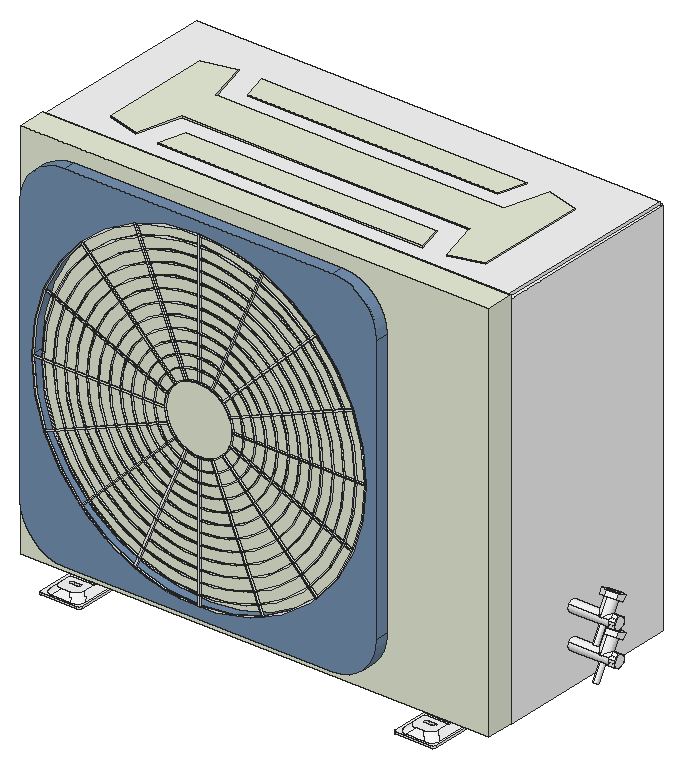
Revit family "ККБ REA I2 8 инвертор", category Оборудование, Revit 2022
Family settings
  Размер круглого соединителя = Использовать радиус
  Тип детали = Нормальный
  Номер OmniClass = 23.75.00.00
  Заголовок OmniClass = Climate Control (HVAC)
  На основе рабочей плоскости = Нет
  Всегда вертикально = Да
  При загрузке вырезать с полостями = Нет
  Сохранять ориентацию аннотаций = Нет
  Общий = Нет
  Точка принадлежности помещению = Нет
Parameters (values of type "ККБ REA I2 8 инвертор")
  Отметка по умолчанию = 0.000 mm
  clearance access right = 600.000 mm
  clearance access left = 300.000 mm
  clearance access front = 2000.000 mm
  clearance access behind = 300.000 mm
  clearance [instance] = no
  Width = 910.000 mm
  Series = "CCU"
  Power supply = "220-240V 1Ph~50Hz/60Hz"
  Net Weight = 49.00 kg
  Группа модели = "ККБ REA I2 8 инвертор"
  Minimum Circuit Amps = 21.25 A
  Min cable selection (power wiring) = "3×2.5 mm2"
  Maximum Fuse Amps = 25 A
  Изготовитель = "WAER"  # constant formula
  Liquid pipe Radius = 0.5 * Liquid pipe  # 4.765 mm
  Liquid pipe = 9.530 mm
  Installation = "Outdoor installation"
  Height = 712.000 mm
  Heating Power Input = 2.04 kW
  Heating Capacity = 9.00 kW
  Gas pipe Radius = 0.5 * Gas pipe  # 7.950 mm
  Gas pipe = 15.900 mm
  Gas = "R410A"
  Описание = "High efficiency air cooled"
  Depth = 426.000 mm
  Cooling Power Input = 2.10 kW
  Cooling Capacity = 8.00 kW
  Condensation = "Air"
  Compressor = "1"
  Casing color = "SB2098"
  Air Flow = 3700.00 m³/h
Reference planes
  plane 1 "Center (Front/Back)": y = 0
  plane 2: z = 0
  plane 3 "Center (Left/Right)": x = 0
  plane 4: y = 155.5
  plane 5: y = -189.5
  plane 6: x = -420
  plane 7: x = 420
  plane 8: z = 712
  plane 9: x = 490
  plane 10: x = -435
  plane 11: z = 368
Forms (mm)
  Extrusion 1, solid, material "Galvanized Steel", detail levels medium+fine
    sketch origin (-463, 23.5, 789) x (1, 0, 0) y (0, 1, 0)
      loop
        line (43, -159) -> (43, -209.5) -> (882.609, -209.5) -> (882.609, -159) -> (43, -159)
    from -765 to -77
  Extrusion 2, void
    sketch origin (40, 0, -40) x (1, 0, 0) y (0, 0, 1)
      loop
        circle (-122.999, 406.499) r 300
    from 117.48 to 159
  Extrusion 3, solid, material "Galvanized Steel", detail levels fine
    sketch origin (0, 0, 0) x (1, 0, 0) y (0, 1, 0)
      loop
        line (-336.632, 111.286) -> (-336.632, -88.714) -> (-278.677, -104.243) -> (-257.971, -26.969) -> (0, -26.969) -> (257.971, -26.969) -> (278.677, -104.243) -> (336.632, -88.714) -> (336.632, 111.286) -> (278.677, 126.816) -> (257.971, 49.542) -> (0, 49.542) -> (-257.971, 49.542) -> (-278.677, 126.816) -> (-336.632, 111.286)
      loop
        line (-237.266, 126.816) -> (-224.511, 79.213) -> (0, 79.213) -> (224.511, 79.213) -> (237.266, 126.816) -> (0, 126.816) -> (-237.266, 126.816)
      loop
        line (-237.266, -106.816) -> (0, -106.816) -> (237.266, -106.816) -> (224.511, -59.213) -> (0, -59.213) -> (-224.511, -59.213) -> (-237.266, -106.816)
    from 712 to 714
  Extrusion 4, solid, material "HXL White", detail levels fine
    sketch origin (-20, 0, 55) x (1, 0, 0) y (0, 0, 1)
      loop
        line (-400, 451.5) -> (-413.971, 441.771)
        arc (-413.971, 441.771) -> (-414.612, 441.134) -> (-415, 440.318) r 2.624
        line (-415, 440.318) -> (-415, 438.504)
        arc (-415, 438.504) -> (-414.222, 436.932) -> (-412.501, 436.597) r 1.977
        line (-412.501, 436.597) -> (-400, 440.016) -> (-400, 451.5)
    from -49.542 to 26.969
  Extrusion 5, solid, material "Midea Dark Blue"
    sketch origin (398.949, -186, 789) x (-1, 0, 0) y (0, 0, -1)
      loop
        circle (481.948, 422.501) r 300
      loop
        arc (801.948, 662.501) -> (778.516, 719.07) -> (721.948, 742.501) r 80
        line (721.948, 742.501) -> (241.948, 742.501)
        arc (241.948, 742.501) -> (185.379, 719.07) -> (161.948, 662.501) r 80
        line (161.948, 662.501) -> (161.948, 182.501)
        arc (161.948, 182.501) -> (185.379, 125.933) -> (241.948, 102.501) r 80
        line (241.948, 102.501) -> (721.948, 102.501)
        arc (721.948, 102.501) -> (778.516, 125.933) -> (801.948, 182.501) r 80
        line (801.948, 182.501) -> (801.948, 662.501)
    from -27 to 22
Cuts and joins
  Extrusion 2 cuts Extrusion 1
Lines and regions (mm)
  model lines
    curve 1: line (-420, 208, 712) -> (-420, -135.5, 712)
    curve 2: line (420, 208, 712) -> (-420, 208, 712)
    curve 3: line (420, -135.5, 712) -> (420, 208, 712)
    curve 4: line (-420, -135.5, 712) -> (420, -135.5, 712)
    curve 5: line (-420, 208, 24) -> (-420, -135.5, 24)
    curve 6: line (420, 208, 24) -> (-420, 208, 24)
    curve 7: line (420, -135.5, 24) -> (420, 208, 24)
    curve 8: line (-420, -135.5, 24) -> (420, -135.5, 24)
    curve 9: line (-400, -135.5, 555) -> (-400, -135.5, 24)
    curve 10: line (400, -135.5, 24) -> (400, -135.5, 555)
    curve 11: line (420.021, 208, 712) -> (420.021, 208, 176)
    curve 12: line (-420, 208, 176) -> (-420, 208, 712)
Dimensions and locks
  aligned and locked: level to plane 2
Nested families
  nested 1: "pingban-HXL" at (-415, 208, 24), type "pingban-HXL", detail levels medium+fine
    with Width 830.000 mm, Height 683.000 mm, Depth 5.000 mm
  nested 2: "pingban-HXL" at (-420, -135.5, 24) x (0, 1, 0) z (0, 0, 1), type "pingban-HXL", detail levels medium+fine
    with Width 338.500 mm, Height 683.000 mm, Depth 5.000 mm
  nested 3: "pingban-HXL" at (420, 203, 24) x (0, -1, 0) z (0, 0, 1), type "pingban-HXL", detail levels medium+fine
    with Width 338.500 mm, Height 683.000 mm, Depth 5.000 mm
  nested 4: "xiaodijia2" at (318, 0, 0), type "xiaodijia2", detail levels medium+fine
  nested 5: "xiaodijia2" at (-318, 0, 0), type "xiaodijia2", detail levels medium+fine
  nested 6: "pingban-HXL" at (-415, 150.5, 24), type "pingban-HXL", detail levels medium+fine
    with Width 830.000 mm, Height 5.000 mm, Depth 286.000 mm
  nested 7: "pingban-HXL" at (-415, 203, 707), type "pingban-HXL", detail levels medium+fine
    with Width 830.000 mm, Height 5.000 mm, Depth 338.500 mm
  nested 8: "fengkou300+" at (-82.999, -208, 366.5) x (1, 0, 0) z (0, 1, 0), type "fengkou300+", detail levels medium+fine
  nested 9: "fengshan230-white" at (-82.999, -130, 366.5) x (-1, 0, 0) z (0, 1, 0), type "fengshan230-white", detail levels fine
  nested 10: "guan_HXL" at (465, 0, 154.965) x (0, 0.866, -0.5) z (0, 0.5, 0.866), type "guan_HXL"
    with luomukuandu2 30.000 mm, luomukuandu 20.000 mm, luomuhoudu2 10.000 mm, luomuhoudu 10.000 mm, diameter2 20.000 mm, diameter 20.000 mm, Length2 40.000 mm, Length 85.000 mm
  nested 11: "guan_HXL" at (465, 0, 93.918) x (0, 0.866, -0.5) z (0, 0.5, 0.866), type "guan_HXL"
    with luomukuandu2 30.000 mm, luomukuandu 20.000 mm, luomuhoudu2 10.000 mm, luomuhoudu 10.000 mm, diameter2 20.000 mm, diameter 20.000 mm, Length2 40.000 mm, Length 85.000 mm
  nested 12: "service space" at (-420, 208, 0), Height <- "Height", visible <- "clearance", type "Midea Service  Space"
    with Width 910.000 mm, Height 712.000 mm, Depth 300.000 mm
  nested 13: "service space" at (-735, -208, 0), Height <- "Height", visible <- "clearance", type "Midea Service  Space"
    with Width 300.000 mm, Height 712.000 mm, Depth 416.000 mm
  nested 14: "service space" at (490, -208, 0), Height <- "Height", visible <- "clearance", type "Midea Service  Space"
    with Width 600.000 mm, Height 712.000 mm, Depth 416.000 mm
  nested 15: "service space" at (-420, -2208, 0), Height <- "Height", visible <- "clearance", type "Midea Service  Space"
    with Width 910.000 mm, Height 712.000 mm, Depth 2000.000 mm
Connectors
  electrical at (-420, 11.286, 500.758)
    settings: on Extrusion 4, index 1, voltage 220 V, apparent load 0 VA, apparent load phase1 0 VA, apparent load phase2 0 VA, apparent load phase3 0 VA, power factor 1, load classification "HVAC", number of poles 1, system type 30, power factor state 1, is connector primary yes, connector utility no, sub classification motor no, connector description ""
  piping at (420, 0, 154.965), diameter 15.9, driven by "Gas pipe Radius"
    settings: on nested 10, index 2, connector inside diameter 0.62598", connector length 0.000 mm, flow factor 0, pipe flow 0 GPM, pressure drop 0.00 psi, fitting loss kfactor 0, connector angle 0.00°, fixture units 0, engagement length 0.000 mm, angle of deflection 0.00°, flow configuration 0, flow direction 0, fitting loss method 0, system type 19, joint type 0, gender type 0, connector reference index -1, connector utility 0, adjustable connector no, is connector primary yes, connector description ""
  piping at (420, 0, 93.918), diameter 9.53, driven by "Liquid pipe Radius"
    settings: on nested 11, index 3, connector inside diameter 0.3752", connector length 0.000 mm, flow factor 0, pipe flow 0 GPM, pressure drop 0.00 psi, fitting loss kfactor 0, connector angle 0.00°, fixture units 0, engagement length 0.000 mm, angle of deflection 0.00°, flow configuration 0, flow direction 0, fitting loss method 0, system type 19, joint type 0, gender type 0, connector reference index -1, connector utility 0, adjustable connector no, is connector primary no, connector description ""
Definition of nested family "pingban-HXL"
  Parameters
    Default Elevation = 0.000 mm
    Width [instance] = 65.000 mm
    Series = ""
    Machine material = none
    Installation = ""
    Height [instance] = 100.000 mm
    Gas = ""
    Depth [instance] = 5.000 mm
    Condensation = ""
  Reference planes
    plane 1 "Center (Front/Back)": y = 0
    plane 2: z = 0
    plane 3 "Center (Left/Right)": x = 0
    plane 4: z = 160
    plane 5: x = 65
  Forms (mm)
    Extrusion 1, solid, material <- "Machine material"
      sketch origin (0, 0, 0) x (1, 0, 0) y (0, 0, 1)
        loop
          line (0, 100) -> (0, 0) -> (65, 0) -> (65, 100) -> (0, 100)
      from 0 to 5
  Dimensions and locks
    "Width": Extrusion 1 to plane 3 "Center (Left/Right)"
    "Height": Extrusion 1 to level
    "Depth": Extrusion 1 to plane 1 "Center (Front/Back)"
    aligned and locked: level to plane 2
  Automatic sketch dimensions
    Extrusion 1 sketch curve to plane 3 "Center (Left/Right)" = 0.000 mm
    Extrusion 1 sketch curve to level = 0.000 mm
    Extrusion 1 sketch curve to plane 5 = 0.000 mm
    Extrusion 1 sketch curve to plane 4 = 60.000 mm
Definition of nested family "xiaodijia2"
  Parameters
    Default Elevation = 0.000 mm
  Reference planes
    plane 1 "Center (Front/Back)": y = 0
    plane 2: z = 0
    plane 3 "Center (Left/Right)": x = 0
    plane 4: y = 227
    plane 5: x = -36.5
    plane 6: x = 36.5
    plane 7: z = 12
    plane 8: z = 3
    plane 9: z = 24
    plane 10: y = -20
    plane 11: y = 20
    plane 12: x = 21.5
    plane 13: x = -21.5
    plane 14: y = 190
    plane 15: y = -190
    plane 16: x = -6
    plane 17: x = 6
    plane 18: y = -186
    plane 19: y = -194
  Forms (mm)
    Blend 1, solid
      base sketch origin (0, 0, 0) x (1, 0, 0) y (0, 1, 0)
        loop
          line (6.5, 212) -> (-6.5, 212)
          arc (-6.5, 212) -> (-17.107, 207.607) -> (-21.5, 197) r 15
          line (-21.5, 197) -> (-21.5, -197)
          arc (-21.5, -197) -> (-17.107, -207.607) -> (-6.5, -212) r 15
          line (-6.5, -212) -> (6.5, -212)
          arc (6.5, -212) -> (17.107, -207.607) -> (21.5, -197) r 15
          line (21.5, -197) -> (21.5, 197)
          arc (21.5, 197) -> (17.107, 207.607) -> (6.5, 212) r 15
      top sketch origin (0, 0, 0) x (1, 0, 0) y (0, 1, 0)
        loop
          line (26.5, 222) -> (-26.5, 222)
          arc (-26.5, 222) -> (-30.036, 220.536) -> (-31.5, 217) r 5
          line (-31.5, 217) -> (-31.5, -207)
          arc (-31.5, -207) -> (-27.107, -217.607) -> (-16.5, -222) r 15
          line (-16.5, -222) -> (16.5, -222)
          arc (16.5, -222) -> (27.107, -217.607) -> (31.5, -207) r 15
          line (31.5, -207) -> (31.5, 217)
          arc (31.5, 217) -> (30.036, 220.536) -> (26.5, 222) r 5
      from 12 to 3
    Blend 2, void
      base sketch origin (0, 0, 0) x (1, 0, 0) y (0, 1, 0)
        loop
          line (6.5, 202) -> (-6.5, 202)
          arc (-6.5, 202) -> (-10.036, 200.536) -> (-11.5, 197) r 5
          line (-11.5, 197) -> (-11.5, -197)
          arc (-11.5, -197) -> (-10.036, -200.536) -> (-6.5, -202) r 5
          line (-6.5, -202) -> (6.5, -202)
          arc (6.5, -202) -> (10.036, -200.536) -> (11.5, -197) r 5
          line (11.5, -197) -> (11.5, 197)
          arc (11.5, 197) -> (10.036, 200.536) -> (6.5, 202) r 5
      top sketch origin (0, 0, 0) x (1, 0, 0) y (0, 1, 0)
        loop
          line (31.5, -207) -> (31.5, 217)
          arc (31.5, 217) -> (30.036, 220.536) -> (26.5, 222) r 5
          line (26.5, 222) -> (-26.5, 222)
          arc (-26.5, 222) -> (-30.036, 220.536) -> (-31.5, 217) r 5
          line (-31.5, 217) -> (-31.5, -207)
          arc (-31.5, -207) -> (-27.107, -217.607) -> (-16.5, -222) r 15
          line (-16.5, -222) -> (16.5, -222)
          arc (16.5, -222) -> (27.107, -217.607) -> (31.5, -207) r 15
      from 8.355 to 3
    Extrusion 3, solid
      sketch origin (0, 0, 0) x (1, 0, 0) y (0, 1, 0)
        loop
          arc (-31.5, 227) -> (-35.036, 225.536) -> (-36.5, 222) r 5
          line (-36.5, 222) -> (-36.5, -222)
          arc (-36.5, -222) -> (-35.036, -225.536) -> (-31.5, -227) r 5
          line (-31.5, -227) -> (31.5, -227)
          arc (31.5, -227) -> (35.036, -225.536) -> (36.5, -222) r 5
          line (36.5, -222) -> (36.5, 222)
          arc (36.5, 222) -> (35.036, 225.536) -> (31.5, 227) r 5
          line (31.5, 227) -> (-31.5, 227)
        loop
          arc (-26.5, 222) -> (-30.036, 220.536) -> (-31.5, 217) r 5
          line (-31.5, 217) -> (-31.5, -207)
          arc (-31.5, -207) -> (-27.107, -217.607) -> (-16.5, -222) r 15
          line (-16.5, -222) -> (16.5, -222)
          arc (16.5, -222) -> (27.107, -217.607) -> (31.5, -207) r 15
          line (31.5, -207) -> (31.5, 217)
          arc (31.5, 217) -> (30.036, 220.536) -> (26.5, 222) r 5
          line (26.5, 222) -> (-26.5, 222)
      from 0 to 3
    Extrusion 4, solid
      sketch origin (0, 0, 0) x (0, 1, 0) y (0, 0, 1)
        loop
          arc (-19.275, 24) -> (-19.902, 23.667) -> (-20.264, 23.056) r 1.312
          line (-20.264, 23.056) -> (-22.833, 13.434)
          arc (-22.833, 13.434) -> (-23.437, 12.605) -> (-24.266, 12) r 3.318
          line (-24.266, 12) -> (24.266, 12)
          arc (24.266, 12) -> (23.437, 12.605) -> (22.833, 13.434) r 3.318
          line (22.833, 13.434) -> (20.264, 23.056)
          arc (20.264, 23.056) -> (19.902, 23.667) -> (19.275, 24) r 1.312
          line (19.275, 24) -> (-19.275, 24)
      from -21.5 to 21.5
    Extrusion 5, solid
      sketch origin (0, 150, 0) x (0, 1, 0) y (0, 0, 1)
        loop
          arc (-19.275, 24) -> (-19.902, 23.667) -> (-20.264, 23.056) r 1.312
          line (-20.264, 23.056) -> (-22.833, 13.434)
          arc (-22.833, 13.434) -> (-23.437, 12.605) -> (-24.266, 12) r 3.318
          line (-24.266, 12) -> (24.266, 12)
          arc (24.266, 12) -> (23.437, 12.605) -> (22.833, 13.434) r 3.318
          line (22.833, 13.434) -> (20.264, 23.056)
          arc (20.264, 23.056) -> (19.902, 23.667) -> (19.275, 24) r 1.312
          line (19.275, 24) -> (-19.275, 24)
      from -21.5 to 21.5
    Extrusion 6, solid
      sketch origin (0, -150, 0) x (0, 1, 0) y (0, 0, 1)
        loop
          arc (-19.275, 24) -> (-19.902, 23.667) -> (-20.264, 23.056) r 1.312
          line (-20.264, 23.056) -> (-22.833, 13.434)
          arc (-22.833, 13.434) -> (-23.437, 12.605) -> (-24.266, 12) r 3.318
          line (-24.266, 12) -> (24.266, 12)
          arc (24.266, 12) -> (23.437, 12.605) -> (22.833, 13.434) r 3.318
          line (22.833, 13.434) -> (20.264, 23.056)
          arc (20.264, 23.056) -> (19.902, 23.667) -> (19.275, 24) r 1.312
          line (19.275, 24) -> (-19.275, 24)
      from -21.5 to 21.5
    Extrusion 7, void
      sketch origin (0, 0, 0) x (1, 0, 0) y (0, 1, 0)
        loop
          arc (-6, -186) -> (-10, -190) -> (-6, -194) r 4
          line (-6, -194) -> (6, -194)
          arc (6, -194) -> (10, -190) -> (6, -186) r 4
          line (6, -186) -> (-6, -186)
        loop
          line (-6, 186) -> (6, 186)
          arc (6, 186) -> (10, 190) -> (6, 194) r 4
          line (6, 194) -> (-6, 194)
          arc (-6, 194) -> (-10, 190) -> (-6, 186) r 4
      from 0 to 20
  Cuts and joins
    Blend 2, Extrusion 7 cuts Blend 1
  Dimensions and locks
    aligned and locked: level to plane 2
Definition of nested family "fengkou300+"
  Parameters
    Default Elevation = 0.000 mm
    Series = ""
    Machine material = none
    Installation = ""
    Gas = ""
    Condensation = ""
  Reference planes
    plane 1 "Center (Front/Back)": y = 0
    plane 2: z = 0
    plane 3 "Center (Left/Right)": x = 0
  Forms (mm)
    Extrusion 1, solid, material <- "Machine material"
      sketch origin (0, 0, 0) x (1, 0, 0) y (0, 1, 0)
        loop
          circle (0, 0) r 60
        loop
          circle (0, 0) r 61
        loop
          circle (0, 0) r 80
        loop
          circle (0, 0) r 81
        loop
          circle (0, 0) r 100
        loop
          circle (0, 0) r 101
        loop
          circle (0, 0) r 120
        loop
          circle (0, 0) r 121
        loop
          circle (0, 0) r 140
        loop
          circle (0, 0) r 141
        loop
          circle (0, 0) r 160
        loop
          circle (0, 0) r 161
        loop
          circle (0, 0) r 180
        loop
          circle (0, 0) r 181
        loop
          circle (0, 0) r 200
        loop
          circle (0, 0) r 201
        loop
          circle (0, 0) r 220
        loop
          circle (0, 0) r 221
        loop
          circle (0, 0) r 240
        loop
          circle (0, 0) r 241
        loop
          circle (0, 0) r 260
        loop
          circle (0, 0) r 261
        loop
          circle (0, 0) r 300
        loop
          circle (0, 0) r 298
        loop
          circle (0, 0) r 280
        loop
          circle (0, 0) r 282
      from 0 to 2
    Extrusion 2, solid, material <- "Machine material"
      sketch origin (0, 0, 0) x (1, 0, 0) y (0, 1, 0)
        loop
          line (112.868, 276.414) -> (21.566, 55.993) -> (24.338, 54.845) -> (115.639, 275.266) -> (112.868, 276.414)
        loop
          line (-115.892, -275.873) -> (-113.121, -277.021) -> (-21.566, -55.988) -> (-24.338, -54.84) -> (-115.892, -275.873)
        loop
          line (276.767, -113.015) -> (55.991, -21.567) -> (54.843, -24.338) -> (275.619, -115.787) -> (276.767, -113.015)
        loop
          line (-275.322, 115.668) -> (-276.47, 112.896) -> (-55.987, 21.569) -> (-54.839, 24.341) -> (-275.322, 115.668)
        loop
          line (274.833, 115.468) -> (54.841, 24.344) -> (55.989, 21.572) -> (275.981, 112.696) -> (274.833, 115.468)
        loop
          line (-276.35, -112.845) -> (-275.202, -115.616) -> (-54.841, -24.339) -> (-55.989, -21.568) -> (-276.35, -112.845)
        loop
          line (115.817, -275.686) -> (24.34, -54.841) -> (21.569, -55.989) -> (113.046, -276.834) -> (115.817, -275.686)
        loop
          line (-112.949, 276.604) -> (-115.72, 275.456) -> (-24.339, 54.842) -> (-21.567, 55.99) -> (-112.949, 276.604)
        loop
          line (210.396, 212.522) -> (41.351, 43.478) -> (43.472, 41.356) -> (212.517, 210.401) -> (210.396, 212.522)
        loop
          line (-212.076, -209.955) -> (-209.954, -212.076) -> (-41.351, -43.473) -> (-43.472, -41.352) -> (-212.076, -209.955)
        loop
          line (212.134, -210.01) -> (43.475, -41.352) -> (41.354, -43.473) -> (210.012, -212.132) -> (212.134, -210.01)
        loop
          line (-209.969, 212.093) -> (-212.09, 209.971) -> (-43.472, 41.353) -> (-41.351, 43.474) -> (-209.969, 212.093)
        loop
          line (298.287, 1.504) -> (59.981, 1.504) -> (59.981, -1.496) -> (298.287, -1.496) -> (298.287, 1.504)
        loop
          line (-298.652, 1.5) -> (-298.652, -1.5) -> (-59.981, -1.5) -> (-59.981, 1.5) -> (-298.652, 1.5)
        loop
          line (1.5, -298.432) -> (1.5, -59.981) -> (-1.5, -59.981) -> (-1.5, -298.432) -> (1.5, -298.432)
        loop
          line (1.5, 298.807) -> (-1.5, 298.807) -> (-1.5, 59.981) -> (1.5, 59.981) -> (1.5, 298.807)
      from 0 to 2
  Dimensions and locks
    aligned and locked: level to plane 2
Definition of nested family "fengshan230-white"
  Parameters
    Default Elevation = 0.000 mm
  Reference planes
    plane 1 "Center (Front/Back)": y = 0
    plane 2: z = 0
    plane 3 "Center (Left/Right)": x = 0
  Forms (mm)
    Extrusion 1, solid
      sketch origin (0, 0, 0) x (1, 0, 0) y (0, 1, 0)
        loop
          circle (0, 0) r 50
      from 0 to 30
    Extrusion 2, solid
      sketch origin (-20, 0, 0) x (0, -1, 0) y (1, 0, 0)
        loop
          arc (32.105, 288.084) -> (-94.042, 273.093) -> (-199.371, 202.075) r 270
          arc (-199.371, 202.075) -> (-134.798, 110.882) -> (-35, 60.622) r 231.205
          arc (-35, 60.622) -> (0, 70) -> (35, 60.622) r 70
          arc (35, 60.622) -> (-8.793, 173.814) -> (32.105, 288.084) r 173.918
      from 0 to 30
    Extrusion 3, solid
      sketch origin (20, 0, 0) x (0, 1, 0) y (-1, 0, 0)
        loop
          arc (32.105, 288.084) -> (-94.042, 273.093) -> (-199.371, 202.075) r 270
          arc (-199.371, 202.075) -> (-134.798, 110.882) -> (-35, 60.622) r 231.205
          arc (-35, 60.622) -> (0, 70) -> (35, 60.622) r 70
          arc (35, 60.622) -> (-8.793, 173.814) -> (32.105, 288.084) r 173.918
      from 0 to 30
    Extrusion 4, solid
      sketch origin (0, 0, 0) x (1, 0, 0) y (0, 1, 0)
        loop
          arc (32.105, 268.084) -> (-94.042, 253.093) -> (-199.371, 182.075) r 270
          arc (-199.371, 182.075) -> (-134.798, 90.882) -> (-35, 40.622) r 231.205
          arc (-35, 40.622) -> (0, 50) -> (35, 40.622) r 70
          arc (35, 40.622) -> (-8.793, 153.814) -> (32.105, 268.084) r 173.918
        loop
          arc (199.371, -182.075) -> (134.798, -90.882) -> (35, -40.622) r 231.205
          arc (35, -40.622) -> (0, -50) -> (-35, -40.622) r 70
          arc (-35, -40.622) -> (8.793, -153.814) -> (-32.105, -268.084) r 173.918
          arc (-32.105, -268.084) -> (94.042, -253.093) -> (199.371, -182.075) r 270
      from 0 to 30
    Extrusion 5, void
      sketch origin (0, 0, 0) x (1, 0, 0) y (0, 1, 0)
        loop
          circle (0, 0) r 230
        loop
          circle (0, 0) r 360
      from 0 to 250
  Cuts and joins
    Extrusion 5 cuts Extrusion 2
    Extrusion 5 cuts Extrusion 3
    Extrusion 5 cuts Extrusion 4
  Dimensions and locks
    aligned and locked: level to plane 2
Definition of nested family "guan_HXL"
  Parameters
    Default Elevation = 0.000 mm
    luomukuandu2 [instance] = 30.000 mm
    luomukuandu [instance] = 20.000 mm
    luomuhoudu2 [instance] = 10.000 mm
    luomuhoudu [instance] = 10.000 mm
    diameter2 [instance] = 20.000 mm
    diameter [instance] = 20.000 mm
    Length2 [instance] = 40.000 mm
    Length [instance] = 85.000 mm
  Reference planes
    plane 1 "Center (Front/Back)": y = 0
    plane 2: z = 0
    plane 3 "Center (Left/Right)": x = 0
    plane 4: z = 10
    plane 5: z = -10
    plane 6: through (0, -1524, 0) normal (0.866, 0, 0.5)
    plane 7: through (0, -1524, 0) normal (-0.866, 0, 0.5)
    plane 8: through (4.33, -1524, 12.5) normal (0.866, 0, 0.5)
    plane 9: through (-12.99, -1524, 2.5) normal (0.866, 0, 0.5)
    plane 10: through (-4.33, -1524, 12.5) normal (-0.866, 0, 0.5)
    plane 11: through (12.99, -1524, 2.5) normal (-0.866, 0, 0.5)
    plane 12: y = -14.109
    plane 13: through (0, -14.109, 1200) normal (-0.866, 0.5, 0)
    plane 14: through (0, -14.109, 1200) normal (-0.866, -0.5, 0)
    plane 15: y = 0.891
    plane 16: y = -29.109
    plane 17: through (-10.104, -1.609, 1200) normal (0.866, -0.5, 0)
    plane 18: through (10.104, -26.609, 1200) normal (-0.866, 0.5, 0)
    plane 19: through (10.104, -1.609, 1200) normal (0.866, 0.5, 0)
    plane 20: through (-15.877, -16.609, 1200) normal (0.866, 0.5, 0)
    plane 21: y = -40
  Forms (mm)
    Extrusion 1, solid
      sketch origin (0, 0, 0) x (1, 0, 0) y (0, 0, 1)
        loop
          circle (0, 0) r 10
      from -45 to 40
    Extrusion 2, solid
      sketch origin (0, 0, 0) x (1, 0, 0) y (0, 0, 1)
        loop
          line (-5.774, 10) -> (-11.547, 0) -> (-5.774, -10) -> (5.774, -10) -> (11.547, 0) -> (5.774, 10) -> (-5.774, 10)
      from 30 to 40
    Extrusion 3, solid
      sketch origin (0, 0, 0) x (1, 0, 0) y (0, 1, 0)
        loop
          circle (0, -14.109) r 10
      from 0 to 40
    Extrusion 4, solid
      sketch origin (0, 0, 0) x (1, 0, 0) y (0, 1, 0)
        loop
          line (-17.321, -14.109) -> (-8.66, -29.109) -> (8.66, -29.109) -> (17.321, -14.109) -> (8.66, 0.891) -> (-8.66, 0.891) -> (-17.321, -14.109)
      from 30 to 40
    Extrusion 5, solid
      sketch origin (0, 0, -40) x (1, 0, 0) y (0, 1, 0)
        loop
          circle (0, -14.109) r 5
      from 0 to 40
  Dimensions and locks
    equal spacing: plane 4, level, plane 5
    "luomukuandu": plane 4 to plane 5
    equal spacing: plane 10, plane 7, plane 11
    "luomukuandu": plane 11 to plane 10
    equal spacing: plane 8, plane 6, plane 9
    "luomukuandu": plane 8 to plane 9
    "luomuhoudu": Extrusion 2 to Extrusion 2
    "Length2": Extrusion 3 to level
    equal spacing: plane 18, plane 13, plane 17
    "luomukuandu2": plane 17 to plane 18
    equal spacing: plane 15, plane 12, plane 16
    "luomukuandu2": plane 15 to plane 16
    equal spacing: plane 19, plane 14, plane 20
    "luomukuandu2": plane 19 to plane 20
    "luomuhoudu2": Extrusion 4 to Extrusion 4
    "Length": Extrusion 1 to plane 21
    "diameter": diameter of Extrusion 1 sketch curve
    "diameter2": diameter of Extrusion 3 sketch curve
    aligned and locked: level to plane 2
    aligned and locked: plane 8 to Extrusion 2
    aligned and locked: plane 11 to Extrusion 2
    aligned and locked: Extrusion 2 to plane 5
    aligned and locked: plane 9 to Extrusion 2
    aligned and locked: plane 10 to Extrusion 2
    aligned and locked: plane 4 to Extrusion 2
    aligned and locked: Extrusion 2 to Extrusion 1
    aligned and locked: plane 19 to Extrusion 4
    aligned and locked: plane 15 to Extrusion 4
    aligned and locked: Extrusion 4 to plane 17
    aligned and locked: Extrusion 4 to plane 20
    aligned and locked: plane 16 to Extrusion 4
    aligned and locked: Extrusion 4 to plane 18
    aligned and locked: Extrusion 4 to Extrusion 3
  Automatic sketch dimensions
    Extrusion 2 sketch curve to level = 0.000 mm  (x2)
    plane 9 to Extrusion 2 sketch curve = 0.000 mm
    Extrusion 2 sketch curve to plane 4 = 0.000 mm
    Extrusion 2 sketch curve to plane 6 = 0.000 mm  (x2)
    Extrusion 2 sketch curve to plane 5 = 0.000 mm
    plane 7 to Extrusion 2 sketch curve = 0.000 mm  (x2)
    Extrusion 2 sketch curve to plane 8 = 0.000 mm
    plane 12 to Extrusion 4 sketch curve = 0.000 mm  (x2)
    plane 17 to Extrusion 4 sketch curve = 0.000 mm
    Extrusion 4 sketch curve to plane 13 = 0.000 mm  (x2)
    plane 16 to Extrusion 4 sketch curve = 0.000 mm
    Extrusion 4 sketch curve to plane 14 = 0.000 mm  (x2)
    Extrusion 4 sketch curve to plane 15 = 0.000 mm
    Extrusion 4 sketch curve to plane 18 = 0.000 mm
    Extrusion 5 sketch curve to plane 3 "Center (Left/Right)" = 0.000 mm
    plane 12 to Extrusion 5 sketch curve = 0.000 mm
    Extrusion 1 sketch curve to level = 0.000 mm
    Extrusion 1 sketch curve to plane 3 "Center (Left/Right)" = 0.000 mm
    Extrusion 3 sketch curve to plane 3 "Center (Left/Right)" = 0.000 mm
    plane 12 to Extrusion 3 sketch curve = 0.000 mm
    radius of Extrusion 5 sketch curve = 5.000 mm
Definition of nested family "service space"
  Parameters
    Default Elevation = 0.000 mm
    Width [instance] = 500.000 mm
    Height [instance] = 500.000 mm
    Depth [instance] = 500.000 mm
  Reference planes
    plane 1 "Center (Front/Back)": y = 0
    plane 2: z = 0
    plane 3 "Center (Left/Right)": x = 0
    plane 4: z = 500
    plane 5: y = 500
    plane 6: x = 500
  Forms (mm)
    Extrusion 1, solid
      sketch origin (0, 0, 0) x (1, 0, 0) y (0, 1, 0)
        loop
          line (0, 500) -> (0, 0) -> (500, 0) -> (500, 500) -> (0, 500)
      from 0 to 500
  Dimensions and locks
    "Width": plane 3 "Center (Left/Right)" to plane 6
    "Depth": plane 5 to plane 1 "Center (Front/Back)"
    "Height": level to plane 4
    aligned and locked: level to plane 2
    aligned and locked: plane 5 to Extrusion 1
    aligned and locked: Extrusion 1 to plane 6
    aligned and locked: Extrusion 1 to plane 3 "Center (Left/Right)"
    aligned and locked: plane 1 "Center (Front/Back)" to Extrusion 1
    aligned and locked: Extrusion 1 to plane 4
  Automatic sketch dimensions
    Extrusion 1 sketch curve to plane 3 "Center (Left/Right)" = 0.000 mm
    plane 1 "Center (Front/Back)" to Extrusion 1 sketch curve = 0.000 mm
    Extrusion 1 sketch curve to plane 6 = 0.000 mm
    Extrusion 1 sketch curve to plane 5 = 0.000 mm
